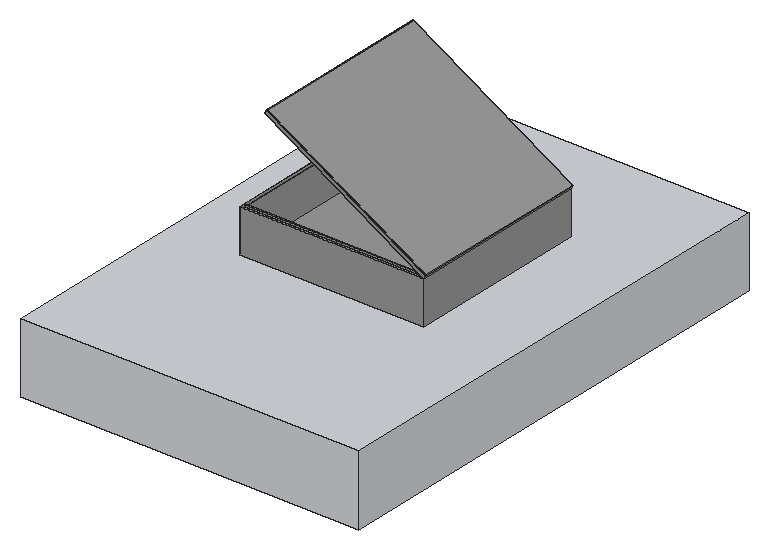
Revit family "Hager-Univers-IP54-D205-H800-Cl.II-Encl-PT-pt", category Equipement électrique, Revit 2020
Family settings
  Hôte = Face
  Configuration du panneau = Deux colonnes, circuits au sein
  Cote de connecteur circulaire = Utiliser le diamètre
  Type d'élément = Tableau de raccordement
  Couper avec des vides une fois chargée = Non
  Partagée = Non
  Point de calcul de pièce = Non
Parameters (values of type "Montagem em superfície (gesso) IP54 L800 A800 P205  - FP53SW2")
  Width Control [instance] = if([EF000008 - Largura] > Min Width, [EF000008 - Largura], Min Width)  # 800 mm
  Commentaires du type = [HG000003 - Gama]  # "Univers"
  Thickness Door [instance] = if([EF009171 - Espessura do material da porta/tampa] > 3 mm, 3 mm, [EF009171 - Espessura do material da porta/tampa])  # 1 mm
  Seal Frame Offset [instance] = 17 mm  # constant formula
  Plinth Visibility [instance] = [HG000027 - Altura da Plinta] > 0 mm  # no
  Model = ""
  Min Width [instance] = 100 mm  # constant formula
  Min Height [instance] = 100 mm  # constant formula
  Min Depth [instance] = (2 * [EF009170 - Espessura do material do invólucro]) + 1 mm  # 3 mm
  Internal Frame Depth [instance] = (Door System Depth * 0.5)  # 9 mm
  Height Control [instance] = if([EF000040 - Altura] > Min Height, [EF000040 - Altura], Min Height)  # 800 mm
  HG000027 - Altura da Plinta = 0 mm
  HG000026 - Instalação no chão = no
  HG000024 - Altura da secção inferior = 800 mm
  HG000023 - Recinto de secção dupla = no
  HG000016 - Visibilidade da porta 3D [instance] = yes
  HG000015 - Visibilidade através da porta [instance] = no
  HG000014 - Porta à direita [instance] = yes
  HG000013 - Porta à esquerda [instance] = not([HG000014 - Porta à direita])  # no
  HG000012 - Ângulo de abertura de porta [instance] = 30.00°
  HG000010 - Portas assimétricas = no
  HG000009 - Porta dupla = no
  HG000006 - Encastrado = no
  HG000004 - Referência do Fabricante = "FP53SW2"
  HG000003 - Gama = "Univers"
  HG000002 - Com porta ou tampa = yes
  Frame Offset Bottom [instance] = 10 mm  # constant formula
  Frame Offset [instance] = 15 mm  # constant formula
  EF015940 - Tampa com libertação de sobrepressão = no
  EF011959 - Grau de proteção (NEMA) = ""
  EF009554 - Número de aberturas para placas de flange = 6
  Fabricant = "Hager"  # constant formula
  EF009212 - Tipo de tampa = "EV000116 - Fechado"
  EF009171 - Espessura do material da porta/tampa = 1 mm
  EF009170 - Espessura do material do invólucro = 1 mm
  EF008873 - Corrente nominal (In) = 250 A
  EF007800 - Adequado para proteção contra raios = no
  EF006306 - Com fecho = no
  EF006244 - Tampa/porta transparente = no
  EF005474 - Grau de proteção (IP) = "EV006419 - IP54"
  EF004464 - Tipo de porta = "EV002646 - Único"
  EF004427 - Número de módulos = 180
  EF004293 - Força de impacto = "EV006815 - IK09"
  EF003532 - Adequado para uso no exterior = no
  EF002950 - Largura em número de módulos = 36
  EF001613 - Integridade do circuito = "EV000494 - Nenhum"
  EF001596 - Material do corpo = "EV000179 - Aço"
  EF001131 - Profundidade interior = 130 mm
  EF001088 - Extensão possível = yes
  EF000437 - Número de entradas de condutores = 6
  EF000339 - Tipo de difusor = "EV004216 - Porta"
  EF000266 - Número de linhas = 5
  EF000218 - Profundidade incorporada = 205 mm
  EF000118 - Com tampa de montagem = no
  EF000116 - Número RAL = "9010"
  EF000049 - Profundidade = 205 mm
  EF000040 - Altura = 800 mm
  EF000008 - Largura = 800 mm
  EF000007 - Cor = "EV000202 - Branco"
  EF000003 - Método de montagem = "EV000384 - Montagem em superfície (gesso)"
  Door System Leaf Tolerance [instance] = 1.5 mm  # constant formula
  Door System Depth [instance] = 18 mm  # constant formula
  Door Height [instance] = Height Control - [HG000027 - Altura da Plinta]  # 800 mm
  Depth Control [instance] = if([EF000049 - Profundidade] > Min Depth, [EF000049 - Profundidade], Min Depth)  # 205 mm
  Default Elevation = 0 mm
  Connector Offset [instance] = Height Control / 2  # 400 mm
  Bottom Top Plate Trim [instance] = 1.5 mm  # constant formula
  Plinth height Ctrl [instance] = if([HG000027 - Altura da Plinta] > 0 mm, [HG000027 - Altura da Plinta], 12 mm)  # 12 mm
Types (5, lengths in mm): name | Width Control | HG000010 - Portas assimétricas | HG000009 - Porta dupla | HG000004 - Referência do Fabricante | EF009554 - Número de aberturas para placas de flange | EF004464 - Tipo de porta | EF004427 - Número de módulos | EF002950 - Largura em número de módulos | EF000437 - Número de entradas de condutores | EF000339 - Tipo de difusor | EF000008 - Largura
  Montagem em superfície (gesso) IP54 L1050 A800 P205  - FP54SW2 | 1050 | no | yes | "FP54SW2" | 8 | "EV003602 - Duplo" | 240 | 48 | 8 | "EV004216 - Porta" | 1050
  Montagem em superfície (gesso) IP54 L1300 A800 P205  - FP55SW2 | 1300 | yes | yes | "FP55SW2" | 10 | "EV003602 - Duplo" | 300 | 60 | 10 | "EV004216 - Porta" | 1300
  Montagem em superfície (gesso) IP54 L300 A800 P205  - FP51SW2 | 300 | no | no | "FP51SW2" | 2 | "EV002646 - Único" | 60 | 12 | 2 | "EV001012 - Tampa" | 300
  Montagem em superfície (gesso) IP54 L550 A800 P205  - FP52SW2 | 550 | no | no | "FP52SW2" | 4 | "EV002646 - Único" | 120 | 24 | 4 | "EV001012 - Tampa" | 550
  Montagem em superfície (gesso) IP54 L800 A800 P205  - FP53SW2 | 800 | no | no | "FP53SW2" | 6 | "EV002646 - Único" | 180 | 36 | 6 | "EV004216 - Porta" | 800
Reference planes
  plane 1 "Center (Front/Back)": y = 0
  plane 2: z = 0
  plane 3 "Center (Left/Right)": x = 0
  plane 4: z = 205
  plane 5: y = 1
  plane 6: y = 400
  plane 7: y = 0
  plane 8: y = 800
  plane 9: z = 0
  plane 10: x = -385
  plane 11: x = 385
  plane 12: x = 384
  plane 13: x = -384
  plane 14: y = 799
  plane 15: x = -383
  plane 16: x = -400
  plane 17: x = 383
  plane 18: x = 400
  plane 19: x = 399
  plane 20: x = -399
  plane 21: y = 11
  plane 22: y = 800
  plane 23: y = 784
  plane 24: z = 187
  plane 25: z = 1
  plane 26: z = 186
  plane 27: z = 204
Forms (mm)
  Extrusion 1, solid
    sketch origin (0, 0, 0) x (1, 0, 0) y (0, 1, 0)
      loop
        line (-702.964, 1305) -> (-702.964, -811.445) -> (766.763, -811.445) -> (766.763, 1305) -> (-702.964, 1305)
    from 0 to -304.8
  Extrusion 2, solid, material "Hager_Steel_RAL7035_Light_Grey", visible <- "Plinth Visibility", detail levels medium+fine
    sketch origin (0, 0, 0) x (1, 0, 0) y (0, 1, 0)
      loop
        line (-400, 0) -> (400, 0) -> (400, 12) -> (-400, 12) -> (-400, 0)
    from 0 to 187
  Extrusion 3, solid, material "Hager_Steel_RAL7035_Light_Grey", detail levels medium+fine
    sketch origin (0, 0, 0) x (1, 0, 0) y (0, 1, 0)
      loop
        line (-400, 0) -> (400, 0) -> (400, 800) -> (-400, 800) -> (-400, 0)
    from 0 to 187
  Extrusion 4, void
    sketch origin (0, 0, 0) x (1, 0, 0) y (0, 1, 0)
      loop
        line (-399, 1) -> (399, 1) -> (399, 799) -> (-399, 799) -> (-399, 1)
    from 1 to 186
  Extrusion 5, void
    sketch origin (-381.607, -4572, 187) x (0, -1, 0) y (-1, 0, 0)
      loop
        line (-4583, 2.393) -> (-5356, 2.393) -> (-5356, -765.607) -> (-4583, -765.607) -> (-4583, 2.393)
    from 0 to 1 <- "EF009170 - Espessura do material do invólucro"
  Extrusion 6, solid, material "Hager_Steel_RAL7035_Light_Grey", detail levels fine
    sketch origin (0, 0, 187) x (1, 0, 0) y (0, 1, 0)
      loop
        line (-384, 784) -> (-384, 11) -> (384, 11) -> (384, 784) -> (-384, 784)
      loop
        line (-385, 10) -> (385, 10) -> (385, 785) -> (-385, 785) -> (-385, 10)
    from 0 to 9 <- "Internal Frame Depth"
  Extrusion 7, solid, material "Hager_Steel_RAL7035_Light_Grey", detail levels coarse
    sketch origin (0, 0, 0) x (1, 0, 0) y (0, 1, 0)
      loop
        line (-400, 0) -> (400, 0) -> (400, 800) -> (-400, 800) -> (-400, 0)
    from 0 to 205
  Sweep 8, void
    path in 3D
      loop
        line (-400, 12, 0) -> (400, 12, 0) -> (400, 12, 187) -> (-400, 12, 187) -> (-400, 12, 0)
    profile origin (-400, 12, 93.5) x (-1, 0, 0) y (0, -1, 0)
      loop
        line (0, 0) -> (0, 1.5) -> (-1.5, 1.5)
        arc (-1.5, 1.5) -> (-1.061, 0.439) -> (0, 0) r 1.5
Cuts and joins
  Extrusion 4, Extrusion 5 cuts Extrusion 3
  Sweep 8 cuts Extrusion 2
Lines and regions (mm)
  Masking region 1
    outline origin (0, 0, 0) x (1, 0, 0) y (0, 0, 1)
      loop
        line (-400, 205) -> (-400, 0) -> (400, 0) -> (400, 205) -> (-400, 205)
  Masking region 2, detail levels medium+fine
    outline origin (0, 140, 0) x (0, 1, 0) y (0, 0, 1)
      loop
        line (-140, 0) -> (660, 0) -> (660, 187) -> (-140, 187) -> (-140, 0)
  Masking region 3, not visible, detail levels medium+fine
    outline origin (0, 297.922, 0) x (0, 1, 0) y (0, 0, 1)
      loop
        line (113.578, 0) -> (153.578, 0) -> (153.578, 194)
        arc (153.578, 194) -> (150.649, 201.071) -> (143.578, 204) r 10
        line (143.578, 204) -> (113.578, 204) -> (113.578, 0)
  Masking region 4, detail levels coarse
    outline origin (0, 0, 180) x (0, 1, 0) y (0, 0, 1)
      loop
        line (0, -180) -> (800, -180) -> (800, 25) -> (0, 25) -> (0, -180)
  Masking region 5, visible <- "Plinth Visibility", detail levels medium+fine
    outline origin (0, 52.24, 12.345) x (0, 0, -1) y (0, 1, 0)
      loop
        line (10.845, -40.24) -> (-173.155, -40.24)
        arc (-173.155, -40.24) -> (-173.594, -41.301) -> (-174.655, -41.74) r 1.5
        line (-174.655, -41.74) -> (-174.655, -52.24) -> (12.345, -52.24) -> (12.345, -41.74)
        arc (12.345, -41.74) -> (11.285, -41.301) -> (10.845, -40.24) r 1.5
  Masking region 6, detail levels medium+fine
    outline origin (-381.607, -4572, 187) x (-1, 0, 0) y (0, -1, 0)
      loop
        line (18.393, -5372) -> (18.393, -4572) -> (-781.607, -4572) -> (-781.607, -5372) -> (18.393, -5372)
  Masking region 7, visible <- "Plinth Visibility", detail levels medium+fine
    outline origin (-381.607, -4727, 187) x (-1, 0, 0) y (0, -1, 0)
      loop
        arc (16.893, -4739) -> (17.332, -4737.939) -> (18.393, -4737.5) r 1.5
        line (18.393, -4737.5) -> (18.393, -4727) -> (-781.607, -4727) -> (-781.607, -4737.5)
        arc (-781.607, -4737.5) -> (-780.546, -4737.939) -> (-780.107, -4739) r 1.5
        line (-780.107, -4739) -> (16.893, -4739)
  Masking region 8, detail levels coarse
    outline origin (-442.548, -4669.526, 187) x (-1, 0, 0) y (0, -1, 0)
      loop
        line (-42.548, -5469.526) -> (-42.548, -4669.526) -> (-842.548, -4669.526) -> (-842.548, -5469.526) -> (-42.548, -5469.526)
  sketch lines
    curve 1: line (-400, 12, 187) -> (-400, 12, 0)
    curve 2: line (400, 12, 187) -> (-400, 12, 187)
    curve 3: line (400, 12, 187) -> (400, 12, 0)
    curve 4: line (-400, 12, 0) -> (400, 12, 0)
Dimensions and locks
  "Depth Control": plane 4 to Extrusion 1
  "HG000027 - Altura da Plinta": plane 1 "Center (Front/Back)" to plane 7
  "EF009170 - Espessura do material do invólucro": plane 5 to plane 7
  locked: connector elem to plane 3 "Center (Left/Right)"
  equal spacing: plane 8, plane 6, plane 7
  locked: connector elem to plane 6
  "EF009170 - Espessura do material do invólucro": plane 8 to plane 14
  "EF009170 - Espessura do material do invólucro": plane 10 to plane 13
  "EF009170 - Espessura do material do invólucro": plane 12 to plane 11
  "Frame Offset": plane 20 to plane 13
  "Frame Offset": plane 12 to plane 19
  "EF009170 - Espessura do material do invólucro": plane 16 to plane 20
  "EF009170 - Espessura do material do invólucro": plane 19 to plane 18
  "Seal Frame Offset": plane 16 to plane 15
  "Seal Frame Offset": plane 17 to plane 18
  "Frame Offset Bottom": plane 21 to plane 5
  "Frame Offset": plane 14 to plane 23
  equal spacing: plane 16, plane 3 "Center (Left/Right)", plane 18
  "Width Control": plane 16 to plane 18
  "EF009170 - Espessura do material do invólucro": plane 4 to plane 27
  "EF009170 - Espessura do material do invólucro": plane 24 to plane 26
  "EF009170 - Espessura do material do invólucro": plane 25 to level
  "Door System Depth": plane 4 to plane 24
  "Height Control": plane 1 "Center (Front/Back)" to Extrusion 7 sketch curve
  "Height Control": Masking region 4 sketch curve to plane 1 "Center (Front/Back)"
  "Height Control": plane 1 "Center (Front/Back)" to plane 22
  "Bottom Top Plate Trim": profile plane to Sweep 8 sketch curve
  "Bottom Top Plate Trim": Sweep 8 sketch curve to profile plane
  "Plinth height Ctrl": plane 1 "Center (Front/Back)" to Extrusion 2 sketch curve
  "Plinth height Ctrl": Masking region 5 sketch curve to plane 1 "Center (Front/Back)"
  "Plinth height Ctrl": plane 1 "Center (Front/Back)" to Masking region 7 sketch curve
  "Thickness Door": Extrusion 6 sketch curve to Extrusion 6 sketch curve  (x3)
  "Thickness Door": cut or joined group of Extrusion 3, Extrusion 4, Extrusion 5 to Extrusion 6 sketch curve
  radius of Masking region 3 sketch curve = 10 mm
  "Bottom Top Plate Trim": radius of Masking region 5 sketch curve  (x2)
  "Bottom Top Plate Trim": radius of Sweep 8 sketch curve
  "Bottom Top Plate Trim": radius of Masking region 7 sketch curve  (x2)
  aligned and locked: plane 2 to Extrusion 1
  aligned and locked: level to Extrusion 1
  aligned and locked: level to Masking region 1 sketch curve
  aligned and locked: Masking region 1 sketch curve to plane 18
  aligned and locked: Masking region 1 sketch curve to plane 16
  aligned and locked: plane 7 to Masking region 2 sketch curve
  aligned and locked: level to Masking region 3 sketch curve
  aligned and locked: Masking region 3 sketch curve to plane 27
  aligned and locked: level to Masking region 2 sketch curve
  aligned and locked: plane 1 "Center (Front/Back)" to Extrusion 2 sketch curve
  aligned and locked: Extrusion 3 sketch curve to plane 7
  aligned and locked: plane 16 to Extrusion 3 sketch curve
  aligned and locked: plane 18 to Extrusion 3 sketch curve
  aligned and locked: plane 20 to Extrusion 4 sketch curve
  aligned and locked: plane 19 to Extrusion 4 sketch curve
  aligned and locked: Extrusion 4 sketch curve to plane 5
  aligned and locked: Extrusion 4 to plane 25
  aligned and locked: plane 26 to Extrusion 4
  aligned and locked: plane 24 to Extrusion 3
  aligned and locked: Extrusion 5 sketch curve to plane 21
  aligned and locked: Extrusion 5 sketch curve to plane 13
  aligned and locked: Extrusion 5 sketch curve to plane 12
  aligned and locked: plane 18 to Extrusion 7 sketch curve
  aligned and locked: plane 1 "Center (Front/Back)" to Extrusion 7 sketch curve
  aligned and locked: plane 16 to Extrusion 7 sketch curve
  aligned and locked: plane 4 to Extrusion 7
  aligned and locked: Extrusion 7 to level
  aligned and locked: level to Masking region 4 sketch curve
  aligned and locked: Masking region 4 sketch curve to plane 1 "Center (Front/Back)"
  aligned and locked: Masking region 4 sketch curve to plane 4
  aligned and locked: nested 1 to level
  aligned and locked: nested 1 to plane 16
  aligned and locked: plane 8 to Extrusion 3 sketch curve
  aligned and locked: plane 23 to Extrusion 5 sketch curve
  aligned and locked: plane 14 to Extrusion 4 sketch curve
  aligned and locked: Masking region 2 sketch curve to plane 8
  aligned and locked: level to Masking region 5 sketch curve
  aligned and locked: plane 16 to Extrusion 2 sketch curve
  aligned and locked: plane 18 to Extrusion 2 sketch curve
  aligned and locked: Masking region 5 sketch curve to plane 24
  aligned and locked: Masking region 2 sketch curve to plane 24
  aligned and locked: plane 24 to Extrusion 2
  aligned and locked: profile plane to Sweep 8 sketch curve  (x2)
  aligned and locked: Masking region 6 sketch curve to plane 18
  aligned and locked: Masking region 6 sketch curve to plane 22
  aligned and locked: Masking region 6 sketch curve to plane 16
  aligned and locked: plane 8 to plane 22
  aligned and locked: Masking region 6 sketch curve to plane 7
  aligned and locked: Masking region 7 sketch curve to plane 16
  aligned and locked: Masking region 7 sketch curve to plane 1 "Center (Front/Back)"
  aligned and locked: Masking region 7 sketch curve to plane 18
  aligned and locked: Masking region 8 sketch curve to plane 1 "Center (Front/Back)"
  aligned and locked: Masking region 8 sketch curve to plane 18
  aligned and locked: Masking region 8 sketch curve to plane 22
  aligned and locked: Masking region 8 sketch curve to plane 16
  aligned and locked: nested 2 to plane 7
  aligned and locked: plane 3 "Center (Left/Right)" to nested 2
  aligned and locked: nested 2 to plane 24
  aligned and locked: Extrusion 6 sketch curve to cut or joined group of Extrusion 3, Extrusion 4, Extrusion 5  (x4)
Automatic sketch dimensions
  Extrusion 1 sketch curve to Extrusion 1 sketch curve = 1469.727 mm
  Extrusion 1 sketch curve to Extrusion 1 sketch curve = 2116.445 mm
  Masking region 1 sketch curve to plane 4 = 0 mm
  plane 6 to Masking region 3 sketch curve = 11.5 mm
  Masking region 3 sketch curve to Masking region 3 sketch curve = 30 mm
  Masking region 5 sketch curve to plane 1 "Center (Front/Back)" = 0 mm
Nested families
  nested 1: "Hager_Enclosure_Symbol" at (-400, 0, 0) x (1, 0, 0) z (0, -1, 0), Height <- "Depth Control", Width <- "Width Control", type "Hager_Enclosure_Symbol"
    with Width_Ctrl 800 mm, Width 800 mm, Height_Ctrl 205 mm, Height 205 mm, A_Width_Int 13.453 mm, A_Width 161.438 mm, A_Height_Ctrl 179.375 mm, A_Height 179.375 mm
  nested 2: "EC000058_Univers_Door" at (0, 0, 187) x (1, 0, 0) z (0, 1, 0), Leaf_Tolerance <- "Door System Leaf Tolerance", Angle <- "HG000012 - Ângulo de abertura de porta", Door_Depth <- "Door System Depth", Door_Left <- "HG000013 - Porta à esquerda", Transparent <- "EF006244 - Tampa/porta transparente", Assymetrical <- "HG000010 - Portas assimétricas", Width <- "Width Control", Clearance <- "HG000015 - Visibilidade através da porta", Double <- "HG000009 - Porta dupla", 3d_Door <- "HG000016 - Visibilidade da porta 3D", Lock_Visibility <- "EF006306 - Com fecho", Width_Ctrl <- "Width Control", Door_Right <- "HG000014 - Porta à direita", Door <- "HG000002 - Com porta ou tampa", Height <- "Door Height", Thickness <- "Thickness Door", type "EC000058_Univers_Door", detail levels medium+fine
    with min_wh 3 mm, Width_Ctrl 800 mm, Width 800 mm, Transparent no, Thickness 1 mm, Seal_Material Hager_Rubber, Lock_Visibility no, Lock_Material Hager_Plastic_RAL9005_Jet_Black, Leaf_Width 800 mm, Leaf_Tolerance_External_Sides 0 mm, Leaf_Tolerance 1.5 mm, Leaf_Offset 0 mm, Leaf_Height 797 mm, Leaf_2_Width 800 mm, Leaf_2_Offset 400 mm, Leaf_1_Width 800 mm, Leaf_1_Offset 400 mm, Height_Ctrl 800 mm, Height 800 mm, Glass_Material Hager_Glass, Double_Clearance_Ctrl no, Double no, Door_Right_Ctrl yes, Door_Right yes, Door_Material Hager_Steel_RAL7035_Light_Grey, Door_Left_Ctrl no, Door_Left no, Door_Depth 18 mm, Door yes, Clearance_Material Hager_Clearance, Clearance_Depth 800 mm, Clearance_Ctrl no, Clearance no, Assymetrical no, Angle 30.00°, 3d_Door yes
Connectors
  electrical at (0, 400, 0)
    settings: on plane 9, index 1, voltage 0 V, apparent load 0 VA, apparent load phase1 0 VA, apparent load phase2 0 VA, apparent load phase3 0 VA, power factor 1, load classification "Other", number of poles 1, system type 30, power factor state 1, is connector primary yes, connector utility no, sub classification motor no, connector description ""
Definition of nested family "EC000058_Univers_Door"
  Parameters (values of type "EC000058_Univers_Door")
    min_wh [instance] = (2 * Thickness) + 1 mm  # 11 mm
    Width_Ctrl [instance] = 400 mm
    Width [instance] = 500 mm
    Transparent [instance] = yes
    Thickness [instance] = 5 mm
    Seal_Material [instance] = none
    Lock_Visibility [instance] = yes
    Lock_Material [instance] = none
    Leaf_Width [instance] = if((Width_Ctrl - 2 * Leaf_Tolerance_External_Sides) > 0 mm, (Width_Ctrl - 2 * Leaf_Tolerance_External_Sides), min_wh)  # 400 mm
    Leaf_Tolerance_External_Sides [instance] = 0 mm  # constant formula
    Leaf_Tolerance [instance] = 1.5 mm
    Leaf_Offset [instance] = 0 mm  # constant formula
    Leaf_Height [instance] = if((Height_Ctrl - 2 * Leaf_Tolerance) > 0 mm, (Height_Ctrl - 2 * Leaf_Tolerance), min_wh)  # 497 mm
    Leaf_2_Width [instance] = if(and(and(Double, Assymetrical), Door_Left), (Leaf_Width / 3) - (Leaf_Tolerance / 2), if(and(and(Double, Assymetrical), Door_Right), (Leaf_Width / 3) * 2 - (Leaf_Tolerance / 2), if(and(Double, not(Assymetrical)), (Leaf_Width / 2) - Leaf_Tolerance, Leaf_Width)))  # 400 mm
    Leaf_2_Offset [instance] = if(and(Double, Assymetrical), Leaf_2_Width / 2, if(and(Double, not(Assymetrical)), Leaf_Width / 4, Leaf_Width / 2))  # 200 mm
    Leaf_1_Width [instance] = if(and(and(Double, Assymetrical), Door_Right), (Leaf_Width / 3) - (Leaf_Tolerance / 2), if(and(and(Double, Assymetrical), Door_Left), (Width / 3) * 2 - (Leaf_Tolerance / 2), if(and(Double, not(Assymetrical)), (Leaf_Width / 2) - Leaf_Tolerance, Leaf_Width)))  # 400 mm
    Leaf_1_Offset [instance] = if(and(Double, Assymetrical), Leaf_1_Width / 2, if(and(Double, not(Assymetrical)), Leaf_Width / 4, Leaf_Width / 2))  # 200 mm
    Height_Ctrl [instance] = if(Height > min_wh, Height, min_wh)  # 500 mm
    Height [instance] = 500 mm
    Glass_Material [instance] = none
    Double_Clearance_Ctrl [instance] = and(Double, Clearance)  # no
    Double [instance] = no
    Door_Right_Ctrl [instance] = and(or(Door_Right, Double), Door)  # yes
    Door_Right [instance] = yes
    Door_Material [instance] = none
    Door_Left_Ctrl [instance] = and(or(Door_Left, Double), Door)  # no
    Door_Left [instance] = no
    Door_Depth [instance] = 30 mm
    Door [instance] = yes
    Default Elevation = 1219.2 mm
    Clearance_Material [instance] = none
    Clearance_Depth [instance] = if(Leaf_1_Width > Leaf_2_Width, Leaf_1_Width, Leaf_2_Width)  # 400 mm
    Clearance_Ctrl [instance] = and(not(Double), Clearance)  # yes
    Clearance [instance] = yes
    Assymetrical [instance] = yes
    Angle [instance] = 30.00°
    3d_Door [instance] = yes
  Reference planes
    plane 1 "Center (Front/Back)": y = 0
    plane 2 "Bottom": z = 0
    plane 3 "Center (Left/Right)": x = 0
    plane 4: z = 500
    plane 5: x = -200
    plane 6: x = 200
    plane 7: z = 500
    plane 8: x = -200
    plane 9: z = 0
    plane 10: x = 200
    plane 11: y = 0
    plane 12: z = 1.5
    plane 13: x = -600
    plane 14: y = -400
    plane 15: x = 600
    plane 16: x = 0
    plane 17: x = 0
    plane 18: x = -200
    plane 19: x = 200
    plane 20: z = 498.5
  Forms (mm)
    Extrusion 1, solid, material <- "Clearance_Material", visible <- "Double_Clearance_Ctrl"
      sketch origin (1200, 0, 0) x (1, 0, 0) y (0, 0, -1)
        loop
          line (-1800, -498.5) -> (-600, -498.5) -> (-600, 0) -> (-1800, 0) -> (-1800, -498.5)
      from 0 to -400
  Dimensions and locks
    equal spacing: plane 5, plane 3 "Center (Left/Right)", plane 6
    "Width_Ctrl": plane 5 to plane 6
    "Leaf_Offset": plane 5 to plane 8
    "Leaf_Offset": plane 6 to plane 10
    "Leaf_Offset": plane 9 to level
    "Leaf_Offset": plane 4 to plane 7
    "Height_Ctrl": plane 4 to level
    "Leaf_Tolerance": plane 12 to plane 9
    locked: plane 11 to plane 1 "Center (Front/Back)"
    "Leaf_1_Offset": plane 18 to plane 16
    "Leaf_2_Offset": plane 17 to plane 19
    "Leaf_1_Width": plane 13 to plane 8
    "Leaf_2_Width": plane 10 to plane 15
    "Clearance_Depth": plane 14 to plane 1 "Center (Front/Back)"
    "Leaf_Tolerance_External_Sides": plane 8 to plane 18
    "Leaf_Tolerance_External_Sides": plane 19 to plane 10
    "Leaf_Tolerance": plane 7 to plane 20
    aligned and locked: level to plane 2 "Bottom"
    aligned and locked: nested 1 to plane 16
    aligned and locked: nested 2 to plane 17
    aligned and locked: Extrusion 1 to plane 13
    aligned and locked: plane 15 to Extrusion 1
    aligned and locked: Extrusion 1 to plane 14
    aligned and locked: plane 12 to nested 1
    aligned and locked: nested 2 to plane 12
    aligned and locked: Extrusion 1 to plane 11
    aligned and locked: plane 20 to Extrusion 1
    aligned and locked: nested 2 to plane 11
    aligned and locked: nested 1 to plane 11
  Automatic sketch dimensions
    Extrusion 1 sketch curve to level = 0 mm
    plane 5 to Extrusion 1 sketch curve = 400 mm
    plane 6 to Extrusion 1 sketch curve = 400 mm
    Extrusion 1 sketch curve to plane 4 = 1.5 mm
  Nested families
    nested 1: "EC000058_Univers_Door_Leaf" at (0, 0, 1.5), Width <- "Leaf_1_Width", visible <- "Door_Left_Ctrl", Leaf_Height <- "Leaf_Height", Angle <- "Angle", 3d_Door <- "3d_Door", Transparent <- "Transparent", Clearance Material <- "Clearance_Material", Clearance <- "Clearance_Ctrl", Door_Material <- "Door_Material", Glass_Material <- "Glass_Material", Door_Depth <- "Door_Depth", Lock_Material <- "Lock_Material", Seal_Material <- "Seal_Material", Lock_Visibility <- "Lock_Visibility", Thickness <- "Thickness", type "EC000058_Univers_Door_Leaf"
      with Width 400 mm, Transparent_Glass_Offset 30 mm, Transparent_Ctrl yes, Transparent yes, Thickness 5 mm, Standard no, Seal_Material none, Seal_D2 8 mm, Seal_D1 1 mm, Offset_Internal_Frame 10 mm, Lock_Width 20 mm, Lock_Visibility_3d yes, Lock_Visibility yes, Lock_Thickness_3 3 mm, Lock_Thickness_2 1 mm, Lock_Thickness_1 3 mm, Lock_Radius_Offset_2 16 mm, Lock_Radius_Offset_1 15 mm, Lock_Radius_2 5 mm, Lock_Radius 6 mm, Lock_Offset 5 mm, Lock_Material none, Lock_Height 80 mm, Lock_Cover_Top_Offset_2d 17 mm, Lock_Cover_Height -65 mm, Leaf_Height 497 mm, Internal_Seal_Thickness 8 mm, Internal_Seal_Depth_2 4.5 mm, Internal_Frame_Depth 25 mm, Glass_Thickness -1 mm, Glass_Offset -2 mm, Glass_Material none, Door_Material none, Door_Depth 30 mm, Clearance Material none, Clearance yes, Angle_Ctrl 30.00°, Angle 30.00°, 3d_Door yes
    nested 2: "EC000058_Univers_Door_Leaf" at (0, 0, 1.5) x (-1, 0, 0) z (0, 0, 1), Width <- "Leaf_2_Width", visible <- "Door_Right_Ctrl", Leaf_Height <- "Leaf_Height", Angle <- "Angle", 3d_Door <- "3d_Door", Transparent <- "Transparent", Clearance Material <- "Clearance_Material", Clearance <- "Clearance_Ctrl", Door_Material <- "Door_Material", Glass_Material <- "Glass_Material", Door_Depth <- "Door_Depth", Lock_Material <- "Lock_Material", Seal_Material <- "Seal_Material", Lock_Visibility <- "Lock_Visibility", Thickness <- "Thickness", type "EC000058_Univers_Door_Leaf"
      with Width 400 mm, Transparent_Glass_Offset 30 mm, Transparent_Ctrl yes, Transparent yes, Thickness 5 mm, Standard no, Seal_Material none, Seal_D2 8 mm, Seal_D1 1 mm, Offset_Internal_Frame 10 mm, Lock_Width 20 mm, Lock_Visibility_3d yes, Lock_Visibility yes, Lock_Thickness_3 3 mm, Lock_Thickness_2 1 mm, Lock_Thickness_1 3 mm, Lock_Radius_Offset_2 16 mm, Lock_Radius_Offset_1 15 mm, Lock_Radius_2 5 mm, Lock_Radius 6 mm, Lock_Offset 5 mm, Lock_Material none, Lock_Height 80 mm, Lock_Cover_Top_Offset_2d 17 mm, Lock_Cover_Height -65 mm, Leaf_Height 497 mm, Internal_Seal_Thickness 8 mm, Internal_Seal_Depth_2 4.5 mm, Internal_Frame_Depth 25 mm, Glass_Thickness -1 mm, Glass_Offset -2 mm, Glass_Material none, Door_Material none, Door_Depth 30 mm, Clearance Material none, Clearance yes, Angle_Ctrl 30.00°, Angle 30.00°, 3d_Door yes
  Definition of nested family "EC000058_Univers_Door_Leaf"
    Parameters (values of type "EC000058_Univers_Door_Leaf")
      Width [instance] = 2000 mm
      Transparent_Glass_Offset [instance] = 30 mm
      Transparent_Ctrl [instance] = and(Transparent, [3d_Door])  # yes
      Transparent [instance] = yes
      Thickness [instance] = 5 mm
      Standard [instance] = and(not(Transparent), [3d_Door])  # no
      Seal_Material [instance] = none
      Seal_D2 [instance] = 8 mm  # constant formula
      Seal_D1 [instance] = 1 mm  # constant formula
      Offset_Internal_Frame [instance] = 10 mm  # constant formula
      Lock_Width [instance] = 20 mm  # constant formula
      Lock_Visibility_3d [instance] = and(Lock_Visibility, [3d_Door])  # yes
      Lock_Visibility [instance] = yes
      Lock_Thickness_3 [instance] = 3 mm  # constant formula
      Lock_Thickness_2 [instance] = 1 mm  # constant formula
      Lock_Thickness_1 [instance] = 3 mm  # constant formula
      Lock_Radius_Offset_2 [instance] = Lock_Radius_Offset_1 + 1 mm  # 16 mm
      Lock_Radius_Offset_1 [instance] = 15 mm  # constant formula
      Lock_Radius_2 [instance] = Lock_Radius - 1 mm  # 5 mm
      Lock_Radius [instance] = 6 mm  # constant formula
      Lock_Offset [instance] = 5 mm  # constant formula
      Lock_Material [instance] = none
      Lock_Height [instance] = 80 mm  # constant formula
      Lock_Cover_Top_Offset_2d [instance] = Lock_Radius_Offset_2 + 1 mm  # 17 mm
      Lock_Cover_Height [instance] = -(Lock_Height - Lock_Radius_Offset_1)  # -65 mm
      Leaf_Height [instance] = 2720.336 mm
      Internal_Seal_Thickness [instance] = 8 mm  # constant formula
      Internal_Seal_Depth_2 [instance] = 4.5 mm  # constant formula
      Internal_Frame_Depth [instance] = if(Door_Depth - Thickness > 5 mm, Door_Depth - Thickness, 5 mm)  # 25 mm
      Glass_Thickness [instance] = if(Thickness > 15 mm, Glass_Offset + 10 mm, -1 mm)  # -1 mm
      Glass_Offset [instance] = if(Thickness > 15 mm, -(Thickness + 10 mm) / 2, -2 mm)  # -2 mm
      Glass_Material [instance] = none
      Door_Material [instance] = none
      Door_Depth [instance] = 30 mm
      Default Elevation = 0 mm
      Clearance Material [instance] = none
      Clearance [instance] = yes
      Angle_Ctrl [instance] = if(Angle > 180.00°, 180.00°, Angle)  # 90.00°
      Angle [instance] = 90.00°
      3d_Door [instance] = yes
    Reference planes
      plane 1 "Center (Front/Back)": y = 0
      plane 2: z = 0
      plane 3 "Center (Left/Right)": x = 0
      plane 4: y = 2000
      plane 5: x = -1000
      plane 6: x = 1000
      plane 7: x = -3000
      plane 8: z = 2720.336
      plane 9: z = 30
      plane 10: z = 2690.336
      plane 11: x = 970
      plane 12: x = -970
      plane 13: y = -3
      plane 14: z = 107.833
      plane 15: y = -5
      plane 16: y = -223.314
      plane 17: x = -1000
      plane 18: z = 1360.168
      plane 19: y = 30
    Forms (mm)
      Extrusion 1, solid, material <- "Clearance Material", visible <- "Clearance"
        sketch origin (0, 0, 0) x (1, 0, 0) y (0, 0, 1)
          loop
            line (-3000, 2720.336) -> (-3000, 0) -> (1000, 0) -> (1000, 2720.336) -> (-3000, 2720.336)
        from 0 to -2000
      Extrusion 2, solid, material <- "Door_Material", visible <- "Standard", detail levels medium+fine
        sketch origin (-1000, 0, 0) x (0, 1, 0) y (-1, 0, 0)
          loop
            line (0, 30) -> (0, 25) -> (2000, 25) -> (2000, 30) -> (0, 30)
        from 0 to 2720.336 <- "Leaf_Height"
      Extrusion 3, solid, material <- "Door_Material", visible <- "Transparent_Ctrl", detail levels medium+fine
        sketch origin (-1000, 0, 0) x (0, 1, 0) y (-1, 0, 0)
          loop
            line (0, 25) -> (2000, 25) -> (2000, 30) -> (0, 30) -> (0, 25)
        from 0 to 2720.336 <- "Leaf_Height"
      Extrusion 4, void
        sketch origin (-1025, 2000, 0) x (0, 1, 0) y (0, 0, -1)
          loop
            line (-30, -2690.336) -> (-30, -30) -> (-1970, -30) -> (-1970, -2690.336) -> (-30, -2690.336)
        from 0 to 5 <- "Thickness"
      Sweep 5, solid, material <- "Seal_Material", visible <- "Transparent_Ctrl", detail levels fine
        path in 3D
          loop
            line (-1025, 30, 30) -> (-1025, 30, 2690.336) -> (-1025, 1970, 2690.336) -> (-1025, 1970, 30) -> (-1025, 30, 30)
        profile origin (-1025, 1000, 30) x (1, 0, 0) y (0, 0, 1)
          loop
            line (0, 0) -> (0, -8) -> (1, -8) -> (1, 0) -> (0, 0)
      Extrusion 6, solid, material <- "Glass_Material", visible <- "Transparent_Ctrl", detail levels medium+fine
        sketch origin (-1030, 0, 0) x (0, 1, 0) y (0, 0, -1)
          loop
            line (1970, -2690.336) -> (1970, -30) -> (30, -30) -> (30, -2690.336) -> (1970, -2690.336)
        from -2 <- "Glass_Offset" to -1 <- "Glass_Thickness"
      Extrusion 7, solid, material <- "Door_Material", visible <- "3d_Door", detail levels medium+fine
        sketch origin (-1025, 2000, 0) x (0, -1, 0) y (0, 0, -1)
          loop
            line (0, -2720.336) -> (2000, -2720.336) -> (2000, 0) -> (0, 0) -> (0, -2720.336)
          loop
            line (1995, -5) -> (5, -5) -> (5, -2715.336) -> (1995, -2715.336) -> (1995, -5)
        from 0 to 25 <- "Internal_Frame_Depth"
      Sweep 8, solid, material <- "Seal_Material", visible <- "Transparent_Ctrl", detail levels fine
        path in 3D
          loop
            line (-1025, 0, 0) -> (-1025, 2000, 0) -> (-1025, 2000, 2720.336) -> (-1025, 0, 2720.336) -> (-1025, 0, 0)
        profile origin (-1025, 0, 1360.168) x (1, 0, 0) y (0, 1, 0)
          loop
            line (0, 10) -> (2.975, 10)
            arc (2.975, 10) -> (4.053, 10.447) -> (4.5, 11.525) r 1.525
            line (4.5, 11.525) -> (4.5, 16.527)
            arc (4.5, 16.527) -> (4.069, 17.569) -> (3.027, 18) r 1.473
            line (3.027, 18) -> (0, 18) -> (0, 10)
      Extrusion 9, solid, material <- "Lock_Material", visible <- "Lock_Visibility_3d", detail levels fine
        sketch origin (-1030, 0, 0) x (0, 1, 0) y (0, 0, -1)
          loop
            arc (1993.5, -1400.168) -> (1994.561, -1399.729) -> (1995, -1398.668) r 1.5
            line (1995, -1398.668) -> (1995, -1320.168) -> (1975, -1320.168) -> (1975, -1398.668)
            arc (1975, -1398.668) -> (1975.439, -1399.729) -> (1976.5, -1400.168) r 1.5
            line (1976.5, -1400.168) -> (1993.5, -1400.168)
        from 3 <- "Lock_Thickness_1" to 0
      Blend 10, solid, material <- "Lock_Material", visible <- "Lock_Visibility_3d", detail levels fine
        base sketch origin (-1033, 0, 0) x (0, 1, 0) y (0, 0, -1)
          loop
            line (1975, -1320.168) -> (1975, -1398.668)
            arc (1975, -1398.668) -> (1975.439, -1399.729) -> (1976.5, -1400.168) r 1.5
            line (1976.5, -1400.168) -> (1993.5, -1400.168)
            arc (1993.5, -1400.168) -> (1994.561, -1399.729) -> (1995, -1398.668) r 1.5
            line (1995, -1398.668) -> (1995, -1320.168) -> (1975, -1320.168)
        top sketch origin (-1033, 0, 0) x (0, 1, 0) y (0, 0, -1)
          loop
            line (1976, -1320.168) -> (1976, -1398.668)
            arc (1976, -1398.668) -> (1976.146, -1399.022) -> (1976.5, -1399.168) r 0.5
            line (1976.5, -1399.168) -> (1993.5, -1399.168)
            arc (1993.5, -1399.168) -> (1993.854, -1399.022) -> (1994, -1398.668) r 0.5
            line (1994, -1398.668) -> (1994, -1320.168) -> (1976, -1320.168)
        from 0 to 1 <- "Lock_Thickness_2"
      Blend 11, solid, material <- "Lock_Material", visible <- "Lock_Visibility_3d", detail levels fine
        base sketch origin (-1034, 0, 0) x (0, 1, 0) y (0, 0, -1)
          loop
            line (1978, -1320.168) -> (1978, -1384.168)
            arc (1978, -1384.168) -> (1985, -1391.168) -> (1992, -1384.168) r 7
            line (1992, -1384.168) -> (1992, -1320.168) -> (1978, -1320.168)
        top sketch origin (-1034, 0, 0) x (0, 1, 0) y (0, 0, -1)
          loop
            line (1991, -1320.168) -> (1979, -1320.168) -> (1979, -1383.168)
            arc (1979, -1383.168) -> (1985, -1389.168) -> (1991, -1383.168) r 6
            line (1991, -1383.168) -> (1991, -1320.168)
        from 0 to 3 <- "Lock_Thickness_3"
      Extrusion 12, solid, material <- "Lock_Material", visible <- "Lock_Visibility_3d", detail levels fine
        sketch origin (-1030, 1975, 1320.168) x (1, 0, 0) y (0, -1, 0)
          loop
            line (-7, -19) -> (-7, -1) -> (0, -1) -> (0, 0) -> (-8, 0) -> (-8, -20) -> (0, -20) -> (0, -19) -> (-7, -19)
        from 0 to -65 <- "Lock_Cover_Height"
      Extrusion 13, void
        sketch origin (-1038, 1995, 1320.168) x (-1, 0, 0) y (0, 0, -1)
          loop
            line (-5, -65) -> (0, -65) -> (-5, -60) -> (-5, -65)
        from 0 to 20 <- "Lock_Width"
      Extrusion 14, void
        sketch origin (-1038, 1975, 1320.168) x (0, -1, 0) y (0, 0, -1)
          loop
            circle (-10, -15.995) r 6
          loop
            circle (-10, -15.995) r 5
        from 0 to 2
      Extrusion 15, solid, material <- "Lock_Material", visible <- "Lock_Visibility_3d", detail levels medium
        sketch origin (-1030, 0, 0) x (0, 1, 0) y (0, 0, -1)
          loop
            arc (1993.5, -1400.168) -> (1994.561, -1399.729) -> (1995, -1398.668) r 1.5
            line (1995, -1398.668) -> (1995, -1320.168) -> (1975, -1320.168) -> (1975, -1398.668)
            arc (1975, -1398.668) -> (1975.439, -1399.729) -> (1976.5, -1400.168) r 1.5
            line (1976.5, -1400.168) -> (1993.5, -1400.168)
        from 8 to 0
    Cuts and joins
      Extrusion 4 cuts Extrusion 3
      Extrusion 13, Extrusion 14 cuts Extrusion 9
      Extrusion 14 cuts Blend 11
      Extrusion 13, Extrusion 14 cuts Extrusion 12
      joined: Extrusion 9, Blend 10, Blend 11, Extrusion 12
      Extrusion 14 cuts Extrusion 15
    Lines and regions (mm)
      Masking region 1, visible <- "Lock_Visibility", detail levels fine
        outline origin (0, 0, 0) x (0, 1, 0) y (0, 0, 1)
          loop
            line (30, 1320.168) -> (33, 1320.168) -> (33, 1400.168) -> (30, 1400.168) -> (30, 1320.168)
      Masking region 2, visible <- "Lock_Visibility", detail levels fine
        outline origin (0, 3.143, 0) x (0, 1, 0) y (0, 0, 1)
          loop
            line (29.857, 1354.168) -> (30.857, 1354.168) -> (30.857, 1366.168) -> (29.857, 1366.168) -> (29.857, 1354.168)
      Masking region 3, detail levels medium+fine
        outline origin (0, 0, 0) x (0, 1, 0) y (0, 0, 1)
          loop
            line (0, 0) -> (30, 0) -> (30, 2720.336) -> (0, 2720.336) -> (0, 0)
      Masking region 4, detail levels medium+fine
        outline origin (0, 0, 0) x (1, 0, 0) y (0, 0, 1)
          loop
            line (-1000, 2720.336) -> (-1000, 0) -> (1000, 0) -> (1000, 2720.336) -> (-1000, 2720.336)
      Masking region 5, visible <- "Lock_Visibility", detail levels fine
        outline origin (-47.116, 0, 0) x (1, 0, 0) y (0, 0, 1)
          loop
            arc (1024.616, 1399.168) -> (1023.556, 1398.729) -> (1023.116, 1397.668) r 1.5
            line (1023.116, 1397.668) -> (1023.116, 1320.168) -> (1041.116, 1320.168) -> (1041.116, 1397.668)
            arc (1041.116, 1397.668) -> (1040.677, 1398.729) -> (1039.616, 1399.168) r 1.5
            line (1039.616, 1399.168) -> (1024.616, 1399.168)
      Masking region 6, visible <- "Lock_Visibility", detail levels medium+fine
        outline origin (-25, 0, 0) x (1, 0, 0) y (0, 0, 1)
          loop
            arc (1001.5, 1400.168) -> (1000.439, 1399.729) -> (1000, 1398.668) r 1.5
            line (1000, 1398.668) -> (1000, 1320.168) -> (1020, 1320.168) -> (1020, 1398.668)
            arc (1020, 1398.668) -> (1019.561, 1399.729) -> (1018.5, 1400.168) r 1.5
            line (1018.5, 1400.168) -> (1001.5, 1400.168)
      Masking region 7, visible <- "Lock_Visibility", detail levels fine
        outline origin (-73.735, 0, 0) x (1, 0, 0) y (0, 0, 1)
          loop
            line (1051.735, 1382.168) -> (1065.735, 1382.168) -> (1065.735, 1384.168)
            arc (1065.735, 1384.168) -> (1058.735, 1391.168) -> (1051.735, 1384.168) r 7
            line (1051.735, 1384.168) -> (1051.735, 1382.168)
      Masking region 8, visible <- "Lock_Visibility", detail levels fine
        outline origin (-73.735, 0, 0) x (1, 0, 0) y (0, 0, 1)
          loop
            line (1052.735, 1382.168) -> (1064.735, 1382.168) -> (1064.735, 1383.168)
            arc (1064.735, 1383.168) -> (1058.735, 1389.168) -> (1052.735, 1383.168) r 6
            line (1052.735, 1383.168) -> (1052.735, 1382.168)
      Masking region 9, visible <- "Lock_Visibility", detail levels fine
        outline origin (-25, 0, 0) x (1, 0, 0) y (0, 0, 1)
          loop
            line (1020, 1320.168) -> (1020, 1382.168) -> (1000, 1382.168) -> (1000, 1320.168) -> (1020, 1320.168)
      Masking region 10, detail levels medium+fine
        outline origin (0, 0, 0) x (1, 0, 0) y (0, 0, 1)
          loop
            circle (985, 1335.144) r 6
      Masking region 11, detail levels fine
        outline origin (0, 0, 0) x (1, 0, 0) y (0, 0, 1)
          loop
            circle (985, 1335.144) r 5
      Masking region 12, visible <- "Lock_Visibility", detail levels fine
        outline origin (0, 12.767, 0) x (0, 1, 0) y (0, 0, 1)
          loop
            line (20.233, 1320.168) -> (21.233, 1320.168) -> (21.233, 1399.168) -> (20.233, 1400.168) -> (20.233, 1320.168)
      Masking region 13, visible <- "Lock_Visibility", detail levels fine
        outline origin (0, 13.767, -10) x (0, 1, 0) y (0, 0, 1)
          loop
            line (20.233, 1330.168) -> (23.233, 1330.168) -> (23.233, 1399.168) -> (20.233, 1402.168) -> (20.233, 1330.168)
      Masking region 14, visible <- "Lock_Visibility", detail levels fine
        outline origin (0, 12.767, -10) x (0, 1, 0) y (0, 0, 1)
          loop
            line (20.233, 1330.168) -> (25.233, 1330.168) -> (25.233, 1399.305) -> (20.233, 1394.305) -> (20.233, 1330.168)
      Masking region 15, visible <- "Lock_Visibility", detail levels medium
        outline origin (0, 0, 0) x (0, 1, 0) y (0, 0, 1)
          loop
            line (30, 1320.168) -> (38, 1320.168) -> (38, 1400.168) -> (30, 1400.168) -> (30, 1320.168)
      Masking region 16, visible <- "Lock_Visibility", detail levels fine
        outline origin (-1000, 0, 0) x (0, 1, 0) y (-1, 0, 0)
          loop
            line (1975, 30) -> (1995, 30) -> (1995, 38) -> (1975, 38) -> (1975, 30)
          loop
            line (1979, 37) -> (1976, 37) -> (1976, 34) -> (1978, 34) -> (1979, 37)
          loop
            line (1994, 37) -> (1991, 37) -> (1992, 34) -> (1994, 34) -> (1994, 37)
      Masking region 17, visible <- "Lock_Visibility", detail levels medium
        outline origin (-1000, 0, 0) x (0, 1, 0) y (-1, 0, 0)
          loop
            line (1975, 30) -> (1995, 30) -> (1995, 38) -> (1975, 38) -> (1975, 30)
      symbolic lines
        curve 1: line (1000, 0, 0) -> (-3000, 0, 0)
        curve 2: arc (1000, 0, 0) -> (-1000, 2000, 0) -> (-3000, 0, 0) r 2000
        curve 4: line (-1030, 0, 0) -> (-1030, 2000, 0)
      reference lines
        curve 3: line (-1000, 0, 0) -> (-1000, 2000, 0)
      symbolic lines, detail levels medium+fine
        curve 5: line (-1030, 2000, 0) -> (-1025, 2000, 0)
        curve 7: line (-1025, 0, 0) -> (-1030, 0, 0)
        curve 8: line (-1025, 0, 0) -> (-1000, 0, 0)
        curve 9: line (-1000, 0, 0) -> (-1000, 2000, 0)
        curve 10: line (-1000, 2000, 0) -> (-1025, 2000, 0)
      symbolic lines, detail levels fine
        curve 6: line (-1025, 2000, 0) -> (-1025, 0, 0)
      sketch lines
        curve 11: line (-1025, 0, 2720.336) -> (-1025, 0, 0)
        curve 12: line (-1025, 2000, 0) -> (-1025, 0, 0)
        curve 13: line (-1025, 2000, 2720.336) -> (-1025, 2000, 0)
        curve 14: line (-1025, 0, 2720.336) -> (-1025, 2000, 2720.336)
        curve 15: line (-1025, 1970, 30) -> (-1025, 30, 30)
        curve 16: line (-1025, 30, 30) -> (-1025, 30, 2690.336)
        curve 17: line (-1025, 1970, 2690.336) -> (-1025, 1970, 30)
        curve 18: line (-1025, 30, 2690.336) -> (-1025, 1970, 2690.336)
      symbolic lines, visible <- "Transparent", detail levels medium+fine
        curve 19: line (-970, 0, 2690.336) -> (970, 0, 2690.336)
        curve 20: line (-970, 0, 30) -> (-970, 0, 2690.336)
        curve 21: line (970, 0, 30) -> (-970, 0, 30)
        curve 22: line (970, 0, 2690.336) -> (970, 0, 30)
    Dimensions and locks
      "Width": plane 1 "Center (Front/Back)" to plane 4
      equal spacing: plane 5, plane 3 "Center (Left/Right)", plane 6
      "Width": plane 5 to plane 6
      "Width": plane 7 to plane 5
      "Leaf_Height": plane 8 to level
      "Width": curve 5 to curve 3
      "Width": curve 3 to curve 3
      plane 8 to plane 10 = 30 mm
      plane 9 to level = 30 mm
      plane 12 to plane 5 = 30 mm
      plane 6 to plane 11 = 30 mm
      Extrusion 1 to Extrusion 4 sketch curve = 30 mm
      "Transparent_Glass_Offset": curve 3 to Extrusion 4 sketch curve
      "Transparent_Glass_Offset": Extrusion 4 sketch curve to cut or joined group of Extrusion 3, Extrusion 4  (x2)
      cut or joined group of Extrusion 3, Extrusion 4 to Extrusion 6 sketch curve = 30 mm
      "Transparent_Glass_Offset": cut or joined group of Extrusion 3, Extrusion 4 to Extrusion 4 sketch curve
      "Thickness": curve 6 to curve 4
      "Thickness": Extrusion 7 sketch curve to Extrusion 7 sketch curve  (x4)
      "Door_Depth": curve 4 to curve 3
      "Offset_Internal_Frame": profile plane to Sweep 8 sketch curve
      "Internal_Seal_Thickness": Sweep 8 sketch curve to Sweep 8 sketch curve
      "Internal_Seal_Depth_2": profile plane to Sweep 8 sketch curve
      "Seal_D1": profile plane to Sweep 5 sketch curve
      "Seal_D2": profile plane to Sweep 5 sketch curve
      "Thickness": Extrusion 2 sketch curve to Extrusion 2 sketch curve
      equal spacing: Extrusion 9 sketch curve, plane 18, Extrusion 9 sketch curve  (x2)
      equal spacing: Masking region 1 sketch curve, plane 18, Masking region 1 sketch curve
      "Lock_Height": Masking region 1 sketch curve to Masking region 1 sketch curve
      "Lock_Radius": Masking region 2 sketch curve to plane 18 to Masking region 2 sketch curve
      Masking region 2 sketch curve to Masking region 1 = 1 mm
      "Door_Depth": plane 19 to plane 1 "Center (Front/Back)"
      "Lock_Thickness_1": Masking region 1 sketch curve to plane 19
      "Lock_Width": Extrusion 9 sketch curve to Extrusion 9 sketch curve
      "Lock_Height": Extrusion 9 sketch curve to Extrusion 9 sketch curve
      "Lock_Offset": cut or joined group of Extrusion 3, Extrusion 4 to Extrusion 9 sketch curve
      equal spacing: plane 8, plane 18, level
      "Lock_Radius_Offset_1": Blend 11 sketch curve to Blend 10
      locked: Blend 10 to Blend 11 sketch curve at 2  (x2)
      locked: var sketch to Blend 11 sketch curve at 1  (x2)
      "Lock_Radius_Offset_2": Blend 11 sketch curve to Blend 10
      locked: Extrusion 12 sketch curve to Extrusion 12 sketch curve at 1  (x3)
      Masking region 6 sketch curve to Masking region 6 sketch curve = 80 mm
      "Lock_Height": Masking region 6 sketch curve to Masking region 6 sketch curve
      "Lock_Width": Masking region 6 sketch curve to Masking region 6 sketch curve
      locked: Masking region 6 to Masking region 5 sketch curve at 1  (x3)
      locked: Masking region 5 to Masking region 7 sketch curve at 2  (x2)
      "Lock_Radius_Offset_1": Masking region 5 to Masking region 7 sketch curve
      "Lock_Radius_Offset_2": Masking region 5 to Masking region 8 sketch curve
      locked: Masking region 7 to Masking region 8 sketch curve at 1  (x2)
      "Lock_Cover_Top_Offset_2d": Masking region 5 to Masking region 9 sketch curve
      equal spacing: Masking region 9, Masking region 10 sketch curve, Masking region 9
      equal spacing: Masking region 9, Masking region 11 sketch curve, Masking region 9
      Extrusion 15 sketch curve to Extrusion 15 sketch curve = 80 mm
      "Lock_Width": Extrusion 15 sketch curve to Extrusion 15 sketch curve
      "Lock_Height": Extrusion 15 sketch curve to Extrusion 15 sketch curve
      equal spacing: Extrusion 15 sketch curve, plane 18, Extrusion 15 sketch curve
      "Lock_Thickness_3": Masking region 13 sketch curve to Masking region 13 sketch curve
      "Lock_Height": Masking region 12 sketch curve to Masking region 12 sketch curve
      locked: Masking region 13 sketch curve to Masking region 1 at 8
      locked: Masking region 14 sketch curve to Masking region 13 at 1
      locked: Masking region 14 sketch curve to Masking region 1 at 10.863
      "Lock_Height": Masking region 15 sketch curve to Masking region 15 sketch curve
      "Lock_Offset": Extrusion 15 sketch curve to cut or joined group of Extrusion 3, Extrusion 4
      "Lock_Offset": plane 6 to Masking region 6 sketch curve
      radius of Sweep 8 sketch curve = 1.525 mm
      radius of Sweep 8 sketch curve = 1.473 mm
      radius of Extrusion 9 sketch curve = 1.5 mm  (x2)
      "Lock_Radius": radius of Extrusion 14 sketch curve
      "Lock_Radius_2": radius of Extrusion 14 sketch curve
      "Lock_Radius": radius of Masking region 10 sketch curve
      "Lock_Radius_2": radius of Masking region 11 sketch curve
      radius of Extrusion 15 sketch curve = 1.5 mm  (x2)
      "Angle_Ctrl": angle plane 1 "Center (Front/Back)" to curve 3
      locked: Masking region 12 sketch curve to Masking region 12 sketch curve (angle 45.00°)
      locked: Masking region 13 sketch curve to Masking region 13 sketch curve (angle 45.00°)
      locked: Masking region 14 sketch curve to Masking region 14 sketch curve (angle 45.00°)
      aligned and locked: level to plane 2
      aligned and locked: Extrusion 1 to curve 1
      aligned and locked: plane 6 to Extrusion 1
      aligned and locked: Extrusion 1 to plane 1 "Center (Front/Back)"
      aligned and locked: plane 4 to Extrusion 1
      aligned and locked: plane 8 to Extrusion 1
      aligned and locked: curve 7 to Extrusion 2 sketch curve
      aligned and locked: curve 5 to Extrusion 2 sketch curve
      aligned and locked: curve 7 to Extrusion 3 sketch curve
      aligned and locked: Extrusion 3 sketch curve to curve 4
      aligned and locked: Extrusion 3 sketch curve to curve 6
      aligned and locked: Extrusion 3 sketch curve to curve 5
      aligned and locked: curve 9 to curve 3
      aligned and locked: Extrusion 7 sketch curve to cut or joined group of Extrusion 3, Extrusion 4  (x4)
      aligned and locked: plane 17 to curve 3
      aligned and locked: plane 1 "Center (Front/Back)" to curve 3
      aligned and locked: plane 17 to plane 5
      aligned and locked: Sweep 8 sketch curve to profile plane
      aligned and locked: Sweep 5 sketch curve to profile plane  (x2)
      aligned and locked: Masking region 1 to Masking region 2 sketch curve
      aligned and locked: plane 19 to Masking region 1 sketch curve
      aligned and locked: plane 1 "Center (Front/Back)" to Masking region 3 sketch curve
      aligned and locked: plane 19 to Masking region 3 sketch curve
      aligned and locked: level to Masking region 3 sketch curve
      aligned and locked: Masking region 3 sketch curve to plane 8
      aligned and locked: plane 17 to Masking region 4 sketch curve
      aligned and locked: level to Masking region 4 sketch curve
      aligned and locked: Masking region 4 sketch curve to plane 8
      aligned and locked: plane 12 to curve 20
      aligned and locked: plane 10 to curve 19
      aligned and locked: plane 11 to curve 22
      aligned and locked: curve 21 to plane 9
      aligned and locked: Extrusion 2 sketch curve to cut or joined group of Extrusion 3, Extrusion 4
      aligned and locked: Blend 10 sketch curve to Extrusion 9  (x4)
      aligned and locked: Extrusion 9 to Blend 10 sketch curve
      aligned and locked: Blend 10 to Blend 11 sketch curve
      aligned and locked: Extrusion 12 sketch curve to Blend 11
      aligned and locked: Extrusion 12 sketch curve to Extrusion 9  (x4)
      aligned and locked: Masking region 5 sketch curve to Masking region 6
      aligned and locked: Masking region 9 sketch curve to Masking region 6  (x3)
      aligned and locked: Masking region 12 sketch curve to Masking region 1
      aligned and locked: Masking region 13 sketch curve to Masking region 1
      aligned and locked: Masking region 12 to Masking region 14
      aligned and locked: Masking region 14 sketch curve to Masking region 1
      aligned and locked: Masking region 15 sketch curve to Masking region 14
      aligned and locked: Masking region 13 sketch curve to Masking region 12
      aligned and locked: Masking region 16 sketch curve to cut or joined group of Extrusion 14, Extrusion 15  (x4)
      aligned and locked: Masking region 16 sketch curve to cut or joined group of Extrusion 9, Blend 10, Blend 11, Extrusion 12, Extrusion 13, Extrusion 14  (x6)
      aligned and locked: cut or joined group of Extrusion 9, Blend 10, Blend 11, Extrusion 12, Extrusion 13, Extrusion 14 to Masking region 16 sketch curve
      aligned and locked: Masking region 17 sketch curve to cut or joined group of Extrusion 14, Extrusion 15  (x3)
      aligned and locked: Masking region 17 sketch curve to cut or joined group of Extrusion 9, Blend 10, Blend 11, Extrusion 12, Extrusion 13, Extrusion 14
      aligned and locked: Masking region 9 to Masking region 8 sketch curve
      aligned and locked: Masking region 9 to Masking region 7 sketch curve
    Automatic sketch dimensions
      plane 1 "Center (Front/Back)" to curve 2 = 0 mm
      curve 2 to plane 5 = 0 mm
      Extrusion 1 sketch curve to level = 0 mm
      Extrusion 1 sketch curve to plane 7 = 0 mm
      Extrusion 1 sketch curve to plane 6 = 0 mm
      Extrusion 1 sketch curve to plane 8 = 0 mm
      Extrusion 3 to Extrusion 6 sketch curve = 30 mm  (x4)
      Masking region 4 sketch curve to plane 6 = 0 mm
      Blend 10 sketch curve to Extrusion 9 = 1.5 mm
      Blend 10 sketch curve to Extrusion 9 = 1 mm
      Extrusion 13 sketch curve to Extrusion 12 = 0 mm  (x2)
      Extrusion 12 to Extrusion 13 sketch curve = 3 mm
      Extrusion 13 sketch curve to Extrusion 12 = 5 mm
      Extrusion 14 sketch curve to Extrusion 14 sketch curve = 0 mm  (x2)
      Extrusion 14 sketch curve to Extrusion 12 = 10 mm
      Extrusion 14 sketch curve to Extrusion 12 = 15.995 mm
      Masking region 5 sketch curve to Masking region 5 sketch curve = 1.5 mm  (x2)
      Masking region 10 sketch curve to plane 18 = 25.024 mm
      Masking region 11 sketch curve to plane 18 = 25.024 mm
      plane 19 to Masking region 14 sketch curve = 3 mm
      Masking region 16 sketch curve to Masking region 16 sketch curve = 3 mm
      curve 4 to curve 3 = 0 mm
      Blend 10 to Blend 11 sketch curve = 0 mm
      Masking region 6 sketch curve to Masking region 6 sketch curve = 1.5 mm  (x2)
      Masking region 6 sketch curve to plane 18 = 40 mm
      plane 19 to Masking region 12 sketch curve = 3 mm
      Masking region 12 sketch curve to Masking region 12 sketch curve = 1 mm
      Masking region 15 sketch curve to plane 19 = 0 mm
      Masking region 15 sketch curve to plane 18 = 40 mm
      radius of Blend 10 sketch curve to Extrusion 9 = 1 mm
Definition of nested family "Hager_Enclosure_Symbol"
  Parameters (values of type "Hager_Enclosure_Symbol")
    Width_Ctrl [instance] = if(Width > 1 mm, Width, 1 mm)  # 102.27 mm
    Width [instance] = 102.27 mm
    Height_Ctrl [instance] = if(Height > 1 mm, Height, 1 mm)  # 66.5 mm
    A_Width_Int [instance] = if(A_Width / 12 > 2 mm, A_Width / 12, 2 mm)  # 4.364 mm
    A_Width [instance] = if(A_Height_Ctrl * 0.9 > 2 mm, A_Height_Ctrl * 0.9, 2 mm)  # 52.369 mm
    A_Height_Ctrl [instance] = if(A_Height > 2 mm, A_Height, 2 mm)  # 58.188 mm
    Height [instance] = 66.5 mm
    A_Height [instance] = Height - (Height / 8)  # 58.188 mm
  Reference planes
    plane 1 "Centre (avant/arrière)": y = 0
    plane 2: z = 0
    plane 3 "Centre (gauche/droite)": x = 0
    plane 4: x = 52.369
    plane 5: y = 33.042
    plane 6: y = 41.77
    plane 7: y = 66.5
    plane 8: x = 26.184
    plane 9: y = 37.406
    plane 10: x = 102.27
    plane 11: y = 66.5
    plane 12: y = 8.313
  Lines and regions (mm)
    Filled region 1, type "Solid_Black", in view "Niveau de réf."
      outline origin (0, 0, 0) x (1, 0, 0) y (0, 1, 0)
        loop
          line (52.369, 66.5) -> (33.188, 54.536) -> (45.365, 45.006) -> (52.369, 66.5)
    Filled region 2, type "Solid_Black", in view "Niveau de réf."
      outline origin (0, 0, 0) x (1, 0, 0) y (0, 1, 0)
        loop
          line (0, 0) -> (102.27, 0) -> (102.27, 66.5) -> (0, 0)
    detail lines, in view "Niveau de réf."
      curve 1: line (0, 8.313, 0) -> (26.184, 41.77, 0)
      curve 2: line (26.184, 41.77, 0) -> (26.184, 33.042, 0)
      curve 3: line (26.184, 33.042, 0) -> (52.369, 66.5, 0)
  Dimensions and locks
    "A_Width": plane 3 "Centre (gauche/droite)" to plane 4
    equal spacing: plane 3 "Centre (gauche/droite)", plane 8, plane 4
    equal spacing: plane 6, plane 9, plane 5
    equal spacing: curve 3, Filled region 1 sketch curve, Filled region 1 sketch curve
    "Height_Ctrl": plane 1 "Centre (avant/arrière)" to plane 11
    "A_Height_Ctrl": plane 11 to plane 12
    equal spacing: plane 11, plane 9, plane 12
    "A_Width_Int": plane 6 to plane 9
    "Width_Ctrl": plane 3 "Centre (gauche/droite)" to plane 10
    angle Filled region 1 sketch curve to curve 3 = 20.00°
    angle curve 3 to Filled region 1 sketch curve = 20.00°
    locked: curve 3 to Filled region 1 sketch curve (angle 90.00°)
    aligned and locked: plane 10 to Filled region 2
    aligned and locked: plane 11 to Filled region 2 sketch curve
    aligned and locked: plane 10 to Filled region 2 sketch curve
    aligned and locked: plane 3 "Centre (gauche/droite)" to curve 1
    aligned and locked: plane 12 to curve 1
    aligned and locked: plane 7 to plane 11
  Automatic sketch dimensions
    Filled region 1 sketch curve to plane 4 = 0 mm
    Filled region 1 sketch curve to plane 7 = 0 mm
    plane 1 "Centre (avant/arrière)" to Filled region 2 sketch curve = 0 mm
    Filled region 2 sketch curve to plane 3 "Centre (gauche/droite)" = 0 mm
    curve 2 to plane 6 = 0 mm
    curve 2 to plane 8 = 0 mm
    curve 3 to plane 4 = 0 mm
    curve 2 to plane 5 = 0 mm
    curve 3 to plane 7 = 0 mm
